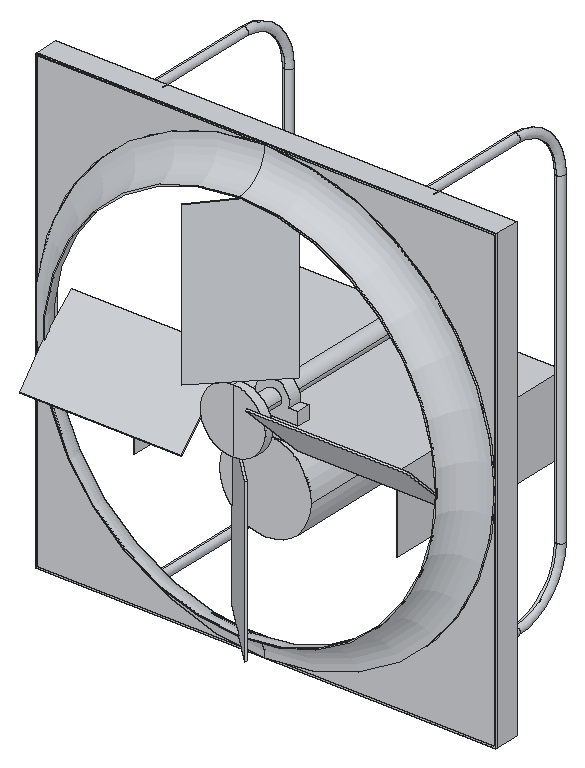
Revit family "AWB", category Mechanical Equipment, Revit 2019
Family settings
  Round Connector Dimension = Use Diameter
  Part Type = Normal
  Work Plane-Based = No
  Always vertical = Yes
  Cut with Voids When Loaded = No
  Shared = No
  Room Calculation Point = No
Parameters (values of type "48_AWB")
  Wire_Guard [instance] = no
  Weather_Hood [instance] = no
  Wall_Collar [instance] = no
  WH_C-3" = WH_C - 0' 3"  # 4' - 10"
  WH_C = WH_B + 0' 3"  # 5' - 1"
  WH_B/2 = WH_B / 2  # 2' - 5"
  WH_B+3" = WH_B + 0' 3"  # 5' - 1"
  WH_B = 4' - 10"
  WH_ANGLE_2 = 95.00°  # constant formula
  WH_ANGLE = 130.00°  # constant formula
  WH_A = 3' - 8 3/16"
  WG_B = 4' - 7"
  WG_D = 1' - 1 7/16"
  WC_C = 4' - 4 1/2"
  WC_B = 4' - 9 5/8"
  -WH_B/2 = -WH_B / 2  # -2' - 5"
  -WC_D = -1' - 7 11/16"
  WC_A = 4' - 6 1/4"
  Unit Weight [instance] = ""
  Sones [instance] = ""
  SIZE/2 = SIZE / 2  # 2' - 0"
  SIZE = 4' - 0"
  Motor RPM [instance] = ""
  Motor Enclosure [instance] = ""
  MOTOR = D_SUP / 10  # 0' - 5.4"
  LwA [instance] = ""
  Fan RPM [instance] = ""
  D_SUP/2 = D_SUP / 2  # 2' - 3"
  D_SUP = 4' - 6"
  D/2 = D / 2  # 0' - 1 1/2"
  D = 0' - 3"
  C/2 = C / 2  # 0' - 3 13/16"
  C = 0' - 7 5/8"
  B/4 = B / 4  # 0' - 6 37/64"
  B/2 = B / 2  # 1' - 1 5/32"
  B = 2' - 2 5/16"
  A/7 = A / 7  # 0' - 7.74107"
  A/3.5 = A / 3.5  # 1' - 3.48214"
  A/2 = A / 2  # 2' - 3 3/32"
  A = 4' - 6 3/16"
  9" = 0' - 9"  # constant formula
  3" = 0' - 3"  # constant formula
  Brake Hp [instance] = ""
  4" = 0' - 4"  # constant formula
  2' = 2' - 0"
  2" = 0' - 2"  # constant formula
  1" = 0' - 1"  # constant formula
  0 = 0' - 0"  # constant formula
  Voltage [instance] = 0 V
  URL = "www.lorencook.com"
  Type Comments = "Wall Exhaust Fan Cast Aluminum Propeller Belt Drive"  # constant formula
  Static Pressure [instance] = 0.00 in-wg
  Power [instance] = Voltage * Motor FLA * sqrt(if(Phase = 3, 3, 1))  # 0 VA
  Phase [instance] = 0
  Number of Poles [instance] = 1
  Motor Hp [instance] = "0"
  Motor FLA [instance] = 0 A
  Model = "AWB"  # constant formula
  Manufacturer = "Loren Cook Company"
  CFM [instance] = 0 CFM
  1.5 = 0' - 1 1/2"  # constant formula
  .5" = 0' - 0 1/2"  # constant formula
  .125 = 0' - 0 1/8"  # constant formula
  -WG_A = -2' - 4 7/16"
  -D = -D  # -0' - 3"
  -C/2 = -C / 2  # -0' - 3 13/16"
  -B+1" = -B + 0' 2"  # -2' - 0 5/16"
  -B = -B  # -2' - 2 5/16"
  -((SIZE/2)-.25") = -((SIZE / 2) - 0' 0 1/4")  # -1' - 11 3/4"
  -((A/2)-C-.5") = -((A / 2) - C - 0' 0 1/2")  # -1' - 6 31/32"
  (SIZE/2)-.25" = (SIZE / 2) - 0' 0 1/4"  # 1' - 11 3/4"
  (D_SUP/2)-(C/2)-.125" = (D_SUP / 2) - (C / 2) - 0' 0 1/8"  # 1' - 11 1/16"
  (A/2)-C-.5" = (A / 2) - C - 0' 0 1/2"  # 1' - 6 31/32"
  (A/2)-1" = (A / 2) - 0' 0 1/4"  # 2' - 2 27/32"
Types (6): name | WH_C-3" | WH_C | WH_B/2 | WH_B+3" | WH_B | WH_A | WG_B | WG_D | WC_C | WC_B | -WH_B/2 | -WC_D | WC_A | SIZE/2 | SIZE | MOTOR | D_SUP/2 | D_SUP | D/2 | D | C/2 | C | B/4 | B/2 | B | A/7 | A/3.5 | A/2 | A | -WG_A | -D | -C/2 | -B+1" | -B | -((SIZE/2)-.25") | -((A/2)-C-.5") | (SIZE/2)-.25" | (D_SUP/2)-(C/2)-.125" | (A/2)-C-.5" | (A/2)-1"
  (no name) | 4' - 10" | 5' - 1" | 2' - 5" | 5' - 1" | 4' - 10" | 3' - 8 3/16" | 4' - 7" | 1' - 1 7/16" | 4' - 4 1/2" | 4' - 9 5/8" | -2' - 5" | -1' - 7 11/16" | 4' - 6 1/4" | 2' - 0" | 4' - 0" | 0' - 5.4" | 2' - 3" | 4' - 6" | 0' - 1 1/2" | 0' - 3" | 0' - 3 13/16" | 0' - 7 5/8" | 0' - 6 37/64" | 1' - 1 5/32" | 2' - 2 5/16" | 0' - 7.74107" | 1' - 3.48214" | 2' - 3 3/32" | 4' - 6 3/16" | -2' - 4 7/16" | -0' - 3" | -0' - 3 13/16" | -2' - 0 5/16" | -2' - 2 5/16" | -1' - 11 3/4" | -1' - 6 31/32" | 1' - 11 3/4" | 1' - 11 1/16" | 1' - 6 31/32" | 2' - 2 27/32"
  24_AWB | 2' - 10" | 3' - 1" | 1' - 5" | 3' - 1" | 2' - 10" | 2' - 0 3/8" | 2' - 7" | 1' - 0 9/16" | 2' - 4 7/16" | 2' - 9 9/16" | -1' - 5" | -1' - 6 11/16" | 2' - 6 1/4" | 1' - 0" | 2' - 0" | 0' - 3" | 1' - 3" | 2' - 6" | 0' - 1" | 0' - 2" | 0' - 3 3/8" | 0' - 6 3/4" | 0' - 4 49/64" | 0' - 9 17/32" | 1' - 7 1/16" | 0' - 4 5/16" | 0' - 8 5/8" | 1' - 3 3/32" | 2' - 6 3/16" | -1' - 8 9/16" | -0' - 2" | -0' - 3 3/8" | -1' - 5 1/16" | -1' - 7 1/16" | -0' - 11 3/4" | -0' - 7 27/32" | 0' - 11 3/4" | 0' - 11 1/2" | 0' - 7 27/32" | 1' - 2 27/32"
  30_AWB | 3' - 4" | 3' - 7" | 1' - 8" | 3' - 7" | 3' - 4" | 2' - 7 7/16" | 3' - 1" | 1' - 0 9/16" | 2' - 10 7/16" | 3' - 3 9/16" | -1' - 8" | -1' - 6 11/16" | 3' - 0 1/4" | 1' - 3" | 2' - 6" | 0' - 3.6" | 1' - 6" | 3' - 0" | 0' - 1 1/2" | 0' - 3" | 0' - 3 3/8" | 0' - 6 3/4" | 0' - 4 49/64" | 0' - 9 17/32" | 1' - 7 1/16" | 0' - 5.16964" | 0' - 10.33929" | 1' - 6 3/32" | 3' - 0 3/16" | -1' - 8 9/16" | -0' - 3" | -0' - 3 3/8" | -1' - 5 1/16" | -1' - 7 1/16" | -1' - 2 3/4" | -0' - 10 27/32" | 1' - 2 3/4" | 1' - 2 1/2" | 0' - 10 27/32" | 1' - 5 27/32"
  36_AWB | 3' - 10" | 4' - 1" | 1' - 11" | 4' - 1" | 3' - 10" | 2' - 11 11/16" | 3' - 7" | 1' - 0 9/16" | 3' - 4 1/2" | 3' - 9 9/16" | -1' - 11" | -1' - 7 7/16" | 3' - 6 1/4" | 1' - 6" | 3' - 0" | 0' - 4.2" | 1' - 9" | 3' - 6" | 0' - 1 1/2" | 0' - 3" | 0' - 3 11/16" | 0' - 7 3/8" | 0' - 4 49/64" | 0' - 9 17/32" | 1' - 7 1/16" | 0' - 6.02679" | 1' - 0.05357" | 1' - 9 3/32" | 3' - 6 3/16" | -1' - 8 9/16" | -0' - 3" | -0' - 3 11/16" | -1' - 5 1/16" | -1' - 7 1/16" | -1' - 5 3/4" | -1' - 1 7/32" | 1' - 5 3/4" | 1' - 5 3/16" | 1' - 1 7/32" | 1' - 8 27/32"
  42_AWB | 4' - 4" | 4' - 7" | 2' - 2" | 4' - 7" | 4' - 4" | 3' - 3 15/16" | 4' - 1" | 1' - 0 9/16" | 3' - 10 1/2" | 4' - 3 5/8" | -2' - 2" | -1' - 7 7/16" | 4' - 0 1/4" | 1' - 9" | 3' - 6" | 0' - 4.8" | 2' - 0" | 4' - 0" | 0' - 1 1/2" | 0' - 3" | 0' - 3 13/16" | 0' - 7 5/8" | 0' - 5 11/64" | 0' - 10 11/32" | 1' - 8 11/16" | 0' - 6.88393" | 1' - 1.76786" | 2' - 0 3/32" | 4' - 0 3/16" | -2' - 1 9/16" | -0' - 3" | -0' - 3 13/16" | -1' - 6 11/16" | -1' - 8 11/16" | -1' - 8 3/4" | -1' - 3 31/32" | 1' - 8 3/4" | 1' - 8 1/16" | 1' - 3 31/32" | 1' - 11 27/32"
  48_AWB | 4' - 10" | 5' - 1" | 2' - 5" | 5' - 1" | 4' - 10" | 3' - 8 3/16" | 4' - 7" | 1' - 1 7/16" | 4' - 4 1/2" | 4' - 9 5/8" | -2' - 5" | -1' - 7 11/16" | 4' - 6 1/4" | 2' - 0" | 4' - 0" | 0' - 5.4" | 2' - 3" | 4' - 6" | 0' - 1 1/2" | 0' - 3" | 0' - 3 13/16" | 0' - 7 5/8" | 0' - 6 37/64" | 1' - 1 5/32" | 2' - 2 5/16" | 0' - 7.74107" | 1' - 3.48214" | 2' - 3 3/32" | 4' - 6 3/16" | -2' - 4 7/16" | -0' - 3" | -0' - 3 13/16" | -2' - 0 5/16" | -2' - 2 5/16" | -1' - 11 3/4" | -1' - 6 31/32" | 1' - 11 3/4" | 1' - 11 1/16" | 1' - 6 31/32" | 2' - 2 27/32"
Reference planes (in)
  plane 1 "Center (Front/Back)": y = 0
  plane 2: z = 0
  plane 3 "Center (Left/Right)": x = 0.40541
  plane 4: y = 1.5
Forms (in)
  Revolve 1, solid
    sketch origin (0.40541, 0, 0) x (0, 1, 0) y (0, 0, 1)
      loop
        line (-4.8125, 3.8125) -> (-4.8125, 0) -> (-3.8125, 0) -> (-3.8125, 3.8125) -> (-4.8125, 3.8125)
      axis (-4.8125, 0) -> (-3.8125, 0)
    angle from 0 to 360
  Extrusion 2, solid
    sketch origin (0.40541, 0, 0) x (0, 1, 0) y (0, 0, 1)
      loop
        line (0, -3.8125) -> (-7.625, 3.8125) -> (-7.71339, 3.72411) -> (-0.08839, -3.90089) -> (0, -3.8125)
    from 30 to 3.8125 <- "C/2"
  Extrusion 3, solid
    sketch origin (0.40541, 0, 0) x (0, 1, 0) y (-1, 0, 0)
      loop
        line (0, -3.8125) -> (-7.625, 3.8125) -> (-7.71339, 3.72411) -> (-0.08839, -3.90089) -> (0, -3.8125)
    from 30 to 3.8125 <- "C/2"
  Extrusion 4, solid
    sketch origin (0.40541, 0, 0) x (0, 1, 0) y (0, 0, -1)
      loop
        line (0, -3.8125) -> (-7.625, 3.8125) -> (-7.71339, 3.72411) -> (-0.08839, -3.90089) -> (0, -3.8125)
    from 30 to 3.8125 <- "C/2"
  Extrusion 5, solid
    sketch origin (0.40541, 0, 0) x (1, 0, 0) y (0, 1, 0)
      loop
        line (-3.8125, 0) -> (-3.90089, -0.08839) -> (3.72411, -7.71339) -> (3.8125, -7.625) -> (-3.8125, 0)
    from -30 to -3.8125 <- "-C/2"
  Extrusion 6, void
    sketch origin (0, 0, 0) x (1, 0, 0) y (0, 0, 1)
      loop
        circle (0.40541, 0) r 23.0625
      loop
        circle (0.40541, 0) r 40
    from 0 to 9 <- "9""
  Extrusion 7, solid
    sketch origin (0, 0, 0) x (1, 0, 0) y (0, 0, 1)
      loop
        line (-26.68834, 27.09375) -> (-26.68834, -27.09375) -> (27.49916, -27.09375) -> (27.49916, 27.09375) -> (-26.68834, 27.09375)
      loop
        circle (0.40541, 0) r 27
    from 0 to -0.125
  Extrusion 8, solid
    sketch origin (0, 0, 0) x (1, 0, 0) y (0, 0, 1)
      loop
        line (-26.68834, 27.09375) -> (-26.68834, -27.09375) -> (27.49916, -27.09375) -> (27.49916, 27.09375) -> (-26.68834, 27.09375)
      loop
        line (27.37416, -26.96875) -> (27.37416, 26.96875) -> (-26.56334, 26.96875) -> (-26.56334, -26.96875) -> (27.37416, -26.96875)
    from 0 to -3 <- "-D"
  Extrusion 9, solid
    sketch origin (0, 0, 0) x (1, 0, 0) y (0, 0, 1)
      loop
        circle (0.40541, 0) r 1
    from 2 to -26.3125 <- "-B"
  Extrusion 10, solid
    sketch origin (0, 0, 0) x (1, 0, 0) y (0, 0, 1)
      loop
        line (-15.07673, -2) -> (-15.07673, -11) -> (-14.95173, -11) -> (-14.95173, -3.5) -> (15.76256, -3.5) -> (15.76256, -11) -> (15.88756, -11) -> (15.88756, -2) -> (-15.07673, -2)
    from 0 to -24.3125 <- "-B+1""
  Sweep 11, solid
    path origin (0.40541, 0, 0) x (0, 1, 0) y (0, 0, 1)
      loop
        line (0.125, 25.96875) -> (16.73437, 25.96875)
        arc (16.73437, 25.96875) -> (21.38581, 24.04206) -> (23.3125, 19.39062) r 6.57812
        line (23.3125, 19.39062) -> (23.3125, -19.39062)
        arc (23.3125, -19.39062) -> (21.38581, -24.04206) -> (16.73437, -25.96875) r 6.57812
        line (16.73437, -25.96875) -> (0.125, -25.96875)
    profile origin (0.40541, 8.42969, 25.96875) x (0, 0, 1) y (1, 0, 0)
      loop
        circle (0, -15.98214) r 0.5
      loop
        circle (0, 15.98214) r 0.5
  Revolve 12, solid
    sketch origin (0.40541, 0, 0) x (0, 1, 0) y (0, 0, 1)
      loop
        arc (-0.125, 27) -> (-1.19782, 24.34872) -> (-3.8125, 23.18955) r 3.8125
        line (-3.8125, 23.18955) -> (-3.8125, 23.06448)
        arc (-3.8125, 23.06448) -> (-1.10942, 24.26032) -> (0, 27) r 3.9375
        line (0, 27) -> (-0.125, 27)
      axis (-3.8125, 0) -> (0, 0)
    angle from 0 to 360
  Extrusion 13, solid
    sketch origin (0, 24.3125, 0) x (-1, 0, 0) y (0, 0, 1)
      loop
        circle (-0.40541, -8.9) r 5.4
    from 0 to -24.3125 <- "-B+1""
  Extrusion 14, solid
    sketch origin (0, 26.3125, 0) x (-1, 0, 0) y (0, 0, 1)
      loop
        circle (-0.40541, -8.9) r 1
    from 0 to -2
  Extrusion 15, solid
    sketch origin (0, 24.3125, 0) x (-1, 0, 0) y (0, 0, 1)
      loop
        line (-3.40541, -0.5) -> (-3.40541, -2) -> (2.59459, -2) -> (2.59459, -0.5) -> (1.53108, -0.5)
        arc (1.53108, -0.5) -> (-0.40541, 2) -> (-2.3419, -0.5) r 2
        line (-2.3419, -0.5) -> (-3.40541, -0.5)
    from -2.5 to -1
  Extrusion 16, solid
    sketch origin (0, 0, 0) x (1, 0, 0) y (0, 0, 1)
      loop
        arc (2.3419, -0.5) -> (0.40541, 2) -> (-1.53108, -0.5) r 2
        line (-1.53108, -0.5) -> (-2.59459, -0.5) -> (-2.59459, -2) -> (3.40541, -2) -> (3.40541, -0.5) -> (2.3419, -0.5)
    from -2.5 to -1
  Extrusion 17, solid, material "Glass", visible <- "Wire_Guard"
    sketch origin (0, 1.5, 37.44117) x (0, 0, 1) y (-1, 0, 0)
      loop
        line (-9.94117, 27.09459) -> (-64.94117, 27.09459) -> (-64.94117, -27.90541) -> (-9.94117, -27.90541) -> (-9.94117, 27.09459)
    from -28.4375 <- "-WG_A" to 13.4375 <- "WG_D"
  Extrusion 18, solid, visible <- "Wall_Collar"
    sketch origin (0, 3, 0) x (-1, 0, 0) y (0, 0, 1)
      loop
        line (26.84459, 27.25) -> (-27.65541, 27.25) -> (-27.65541, -27.25) -> (26.84459, -27.25) -> (26.84459, 27.25)
      loop
        line (-27.53041, -27.125) -> (26.71959, -27.125) -> (26.71959, 27.125) -> (-27.53041, 27.125) -> (-27.53041, -27.125)
    from -19.6875 <- "-WC_D" to 0
  Extrusion 19, solid, visible <- "Wall_Collar"
    sketch origin (0, -16.6875, 0) x (1, 0, 0) y (0, 0, 1)
      loop
        line (-28.40709, 28.8125) -> (-28.40709, -28.8125) -> (29.21791, -28.8125) -> (29.21791, 28.8125) -> (-28.40709, 28.8125)
      loop
        line (26.65541, -26.25) -> (26.65541, 26.25) -> (-25.84459, 26.25) -> (-25.84459, -26.25) -> (26.65541, -26.25)
    from -0.125 to 0
  Extrusion 20, solid, visible <- "Weather_Hood"
    sketch origin (0.40541, 0, 0) x (0, 1, 0) y (0, 0, 1)
      loop
        line (-16.6875, 29) -> (-46.76764, 29) -> (-60.875, 12.1875) -> (-19.6875, -29) -> (-16.6875, -29) -> (-16.6875, 29)
    from -29 <- "-WH_B/2" to 29 <- "WH_B/2"
  Extrusion 21, solid, visible <- "Weather_Hood"
    sketch origin (0.40541, -16.6875, -29) x (0, 0, 1) y (1, 0, 0)
      loop
        line (59.5, -30.5) -> (59.5, 30.5) -> (-1.5, 30.5) -> (-1.5, -30.5) -> (59.5, -30.5)
      loop
        line (0, 29) -> (0, -29) -> (58, -29) -> (58, 29) -> (0, 29)
    from -0.125 to 0
Cuts and joins
  Extrusion 6 cuts Revolve 1
  Extrusion 6 cuts Extrusion 2
  Extrusion 6 cuts Extrusion 3
  Extrusion 6 cuts Extrusion 4
  Extrusion 6 cuts Extrusion 5
Dimensions and locks (in)
  "0": Revolve 1 sketch curve to level  (x2)
  "C/2": Revolve 1 sketch curve to level
  "C/2": plane 1 "Center (Front/Back)" to Revolve 1 sketch curve
  "1"": Revolve 1 sketch curve to Revolve 1 sketch curve
  "0": Extrusion 2 sketch curve to plane 1 "Center (Front/Back)"
  "C": plane 1 "Center (Front/Back)" to Extrusion 2 sketch curve
  "C/2": Extrusion 2 sketch curve to level
  "C/2": level to Extrusion 2 sketch curve
  ".125": Extrusion 2 sketch curve to Extrusion 2 sketch curve
  ".125": Extrusion 3 sketch curve to Extrusion 3 sketch curve
  ".125": Extrusion 4 sketch curve to Extrusion 4 sketch curve
  ".125": Extrusion 5 sketch curve to Extrusion 5 sketch curve
  Extrusion 6 sketch curve to plane 3 "Center (Left/Right)" = 0' - 0"  (x2)
  level to Extrusion 6 sketch curve = 0' - 0"
  Extrusion 6 sketch curve to level = 0' - 0"
  "0": Extrusion 3 sketch curve to plane 1 "Center (Front/Back)"
  "C": Extrusion 3 sketch curve to plane 1 "Center (Front/Back)"
  "C/2": plane 3 "Center (Left/Right)" to Extrusion 3 sketch curve
  "C/2": Extrusion 3 sketch curve to plane 3 "Center (Left/Right)"
  "C": plane 1 "Center (Front/Back)" to Extrusion 4 sketch curve
  "0": Extrusion 4 sketch curve to plane 1 "Center (Front/Back)"
  "C/2": level to Extrusion 4 sketch curve
  "C/2": Extrusion 4 sketch curve to level
  "0": Extrusion 5 sketch curve to plane 1 "Center (Front/Back)"
  "C": Extrusion 5 sketch curve to plane 1 "Center (Front/Back)"
  "C/2": plane 3 "Center (Left/Right)" to Extrusion 5 sketch curve
  "C/2": Extrusion 5 sketch curve to plane 3 "Center (Left/Right)"
  "A/2": plane 3 "Center (Left/Right)" to Extrusion 7 sketch curve
  "A/2": Extrusion 7 sketch curve to plane 3 "Center (Left/Right)"
  "A/2": Extrusion 7 sketch curve to level
  "A/2": level to Extrusion 7 sketch curve
  "0": Extrusion 7 sketch curve to level
  "0": Extrusion 7 sketch curve to plane 3 "Center (Left/Right)"
  ".125": Extrusion 8 sketch curve to Extrusion 8 sketch curve  (x4)
  "A/2": plane 3 "Center (Left/Right)" to Extrusion 8 sketch curve  (x2)
  "A/2": level to Extrusion 8 sketch curve
  "A/2": Extrusion 8 sketch curve to level
  "0": Extrusion 9 sketch curve to level
  "0": Extrusion 9 sketch curve to plane 3 "Center (Left/Right)"
  "2"": level to Extrusion 10 sketch curve
  "9"": Extrusion 10 sketch curve to Extrusion 10 sketch curve  (x2)
  "A/3.5": Extrusion 10 sketch curve to plane 3 "Center (Left/Right)"
  "A/3.5": plane 3 "Center (Left/Right)" to Extrusion 10 sketch curve
  ".125": Sweep 11 sketch curve to plane 1 "Center (Front/Back)"  (x2)
  "1"": Extrusion 8 to Sweep 11 sketch curve  (x2)
  "0": Sweep 11 sketch curve to profile plane  (x2)
  ".5"": Sweep 11 sketch curve to Extrusion 10  (x2)
  "0": Revolve 12 sketch curve to level
  "D_SUP/2": Revolve 12 sketch curve to level
  ".125": plane 1 "Center (Front/Back)" to Revolve 12 sketch curve
  ".125": Revolve 12 sketch curve to Revolve 12 sketch curve
  "0": Revolve 12 sketch curve to Revolve 12 sketch curve
  ".125": Extrusion 10 sketch curve to Extrusion 10 sketch curve  (x2)
  "1.5": Extrusion 10 sketch curve to Extrusion 10 sketch curve
  "1"": Extrusion 10 to Sweep 11 sketch curve
  "0": Extrusion 13 sketch curve to plane 3 "Center (Left/Right)"
  "MOTOR": Extrusion 13 sketch curve to Extrusion 10
  "0": Extrusion 14 sketch curve to plane 3 "Center (Left/Right)"
  "MOTOR": Extrusion 14 sketch curve to Extrusion 10
  "0": Extrusion 10 to Extrusion 15 sketch curve
  "1.5": Extrusion 15 sketch curve to Extrusion 15 sketch curve
  "3"": plane 3 "Center (Left/Right)" to Extrusion 15 sketch curve  (x2)
  "0": Extrusion 15 sketch curve to plane 3 "Center (Left/Right)"
  "0": level to Extrusion 15 sketch curve
  "0": Extrusion 16 sketch curve to plane 3 "Center (Left/Right)"
  "0": Extrusion 16 sketch curve to level
  "0": Extrusion 10 to Extrusion 16 sketch curve
  "1.5": Extrusion 10 to Extrusion 16 sketch curve
  "3"": plane 3 "Center (Left/Right)" to Extrusion 16 sketch curve  (x2)
  "C/2": Extrusion 8 to Revolve 12 sketch curve
  equal spacing: Extrusion 17 sketch curve, level, Extrusion 17 sketch curve
  equal spacing: Extrusion 17 sketch curve, plane 3 "Center (Left/Right)", Extrusion 17 sketch curve
  "WG_B": Extrusion 17 sketch curve to Extrusion 17 sketch curve  (x2)
  equal spacing: Extrusion 18 sketch curve, plane 3 "Center (Left/Right)", Extrusion 18 sketch curve  (x2)
  equal spacing: Extrusion 18 sketch curve, level, Extrusion 18 sketch curve  (x2)
  ".125": Extrusion 18 sketch curve to Extrusion 18 sketch curve  (x2)
  "WC_A": Extrusion 18 sketch curve to Extrusion 18 sketch curve  (x2)
  equal spacing: Extrusion 19 sketch curve, plane 3 "Center (Left/Right)", Extrusion 19 sketch curve  (x2)
  equal spacing: Extrusion 19 sketch curve, level, Extrusion 19 sketch curve  (x2)
  "WC_C": Extrusion 19 sketch curve to Extrusion 19 sketch curve  (x2)
  "WC_B": Extrusion 19 sketch curve to Extrusion 19 sketch curve  (x2)
  equal spacing: Extrusion 20 sketch curve, level, Extrusion 20 sketch curve
  "WH_C-3"": Extrusion 20 sketch curve to Extrusion 20 sketch curve
  "3"": Extrusion 20 sketch curve to Extrusion 20 sketch curve
  "WH_A": Extrusion 20 sketch curve to Extrusion 20 sketch curve
  "0": Extrusion 19 to Extrusion 20 sketch curve
  equal spacing: Extrusion 21 sketch curve, plane 3 "Center (Left/Right)", Extrusion 21 sketch curve  (x2)
  equal spacing: Extrusion 21 sketch curve, level, Extrusion 21 sketch curve  (x2)
  "WH_B": Extrusion 21 sketch curve to Extrusion 21 sketch curve  (x2)
  "WH_C": Extrusion 21 sketch curve to Extrusion 21 sketch curve  (x2)
  "1.5": plane 4 to Extrusion 8
  "(D_SUP/2)-(C/2)-.125"": radius of Extrusion 6 sketch curve
  "D_SUP/2": radius of Extrusion 7 sketch curve
  "1"": radius of Extrusion 9 sketch curve
  "B/4": radius of Sweep 11 sketch curve  (x2)
  ".5"": radius of Sweep 11 sketch curve  (x2)
  "MOTOR": radius of Extrusion 13 sketch curve
  "1"": radius of Extrusion 14 sketch curve
  "2"": radius of Extrusion 15 sketch curve
  "2"": radius of Extrusion 16 sketch curve
  "WH_ANGLE": angle Extrusion 20 sketch curve to Extrusion 20 sketch curve
  "WH_ANGLE_2": angle Extrusion 20 sketch curve to Extrusion 20 sketch curve
Automatic sketch dimensions
  Revolve 1 sketch curve to plane 1 "Center (Front/Back)" = 0' - 0"
  Revolve 1 sketch curve to Revolve 1 sketch curve = 2' - 2"
  Extrusion 15 sketch curve to Extrusion 15 sketch curve = 0' - 1.06351"
  Extrusion 16 sketch curve to Extrusion 16 sketch curve = 0' - 1.06351"
  Extrusion 16 sketch curve to Extrusion 16 sketch curve = 0' - 0"  (x2)
  plane 1 "Center (Front/Back)" to Revolve 12 sketch curve = 0' - 3 1/4"
  Revolve 12 sketch curve to Revolve 12 sketch curve = 0' - 1.44822"
  Revolve 12 sketch curve to Revolve 12 sketch curve = 0' - 0"
  Revolve 12 sketch curve to Revolve 12 sketch curve = 0' - 0 1/8"
  radius of Extrusion 6 sketch curve = 3' - 4"
Connectors (in)
  hvac at (0.40541, 3, 0), driven by "A", driven by "A", driven by "CFM"
    settings: on Extrusion 8, index 1, duct flow 0 CFM, flow factor 0, pres drop 0.00 in-wg, loss coef 0, conn angle 0.00°, conn width 54 3/16", conn height 54 3/16", conn diameter 24", duct sys type 3, conn prof type 1, flow config 0, flow direction 2, loss method 0, conn ref index -1, conn util no, is conn primary yes, conn desc ""
  electrical at (0.40541, 0, -8.9)
    settings: on Extrusion 13, index 2, voltage 0 V, apparent load 0 VA, apparent load phase1 0 VA, apparent load phase2 0 VA, apparent load phase3 0 VA, power factor 1, load classification "Other", number of poles 1, system type 30, power factor state 1, is connector primary yes, connector utility no, sub classification motor no, connector description ""
